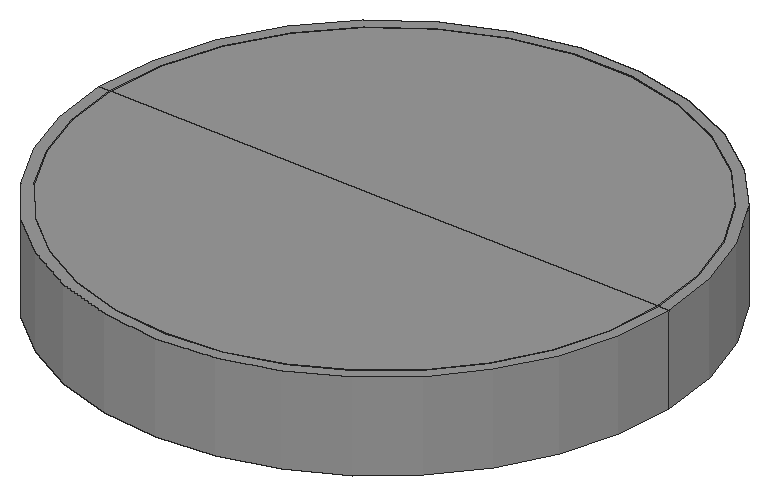
Revit family "4061104", category Lighting Fixtures, host Face, Revit 2016
Family settings
  Host = Face
  Part Type = Normal
  Round Connector Dimension = Use Diameter
  OmniClass Number = 23.80.70.00
  OmniClass Title = Lighting
  Cut with Voids When Loaded = No
  Light Source = Yes
  Shared = No
  Room Calculation Point = No
Parameters (values of type "4061104 COLOSSAL 3400LM 830 DALI WHT")
  Weight = "kg"
  Wattage Comments = ""
  Wattage = 30 W
  WarrantyStartDate [instance] = "n/a"
  WarrantyGuarantorParts = "n/a"
  WarrantyDurationUnit = "n/a"
  WarrantyDurationParts = "n/a"
  WarrantyDescription = "n/a"
  built-in parameter 1150110 = 1 (stored number, unit not read)
  Voltage = 230 V
  URL = "http://www.sylvania-lighting.com"
  TypeName = "Colossal 3400lm 830 DALI WHT"
  Type Image = <None>
  Type Comments = "n/a"
  built-in parameter 1114217 = 1 (stored number, unit not read)
  Tilt Angle = -90.00°
  built-in parameter 1150109 = 1 (stored number, unit not read)
  built-in parameter 1150134 = (empty or 0)
  built-in parameter 1150113 = 1 (stored number, unit not read)
  SerialNumber [instance] = "n/a"
  Photometric Web File = "4061104.ies"
  Material_3_SYL = LED-Sylvania
  PowerFactor = 0
  PowerConsumption = "30 W"
  NominalLength = 400 mm
  NominalHeight = 87 mm
  NominalDepth = 400 mm
  Name = "Colossal 3400lm 830 DALI WHT"
  ModelReference = Name  # "Colossal 3400lm 830 DALI WHT"
  ModelNumber = "4061104"
  Model = Name  # "Colossal 3400lm 830 DALI WHT"
  Material = "n/a"
  ManufacturerName = "Feilo Sylvania"
  Manufacturer = "Feilo Sylvania"
  LuminousEfficacy = "n/a"
  built-in parameter 1150105 = 270.44 (stored number, unit not read)
  Lumens = 3398.4 lm
  LuminaireType = ""
  built-in parameter 1150115 = 1 (stored number, unit not read)
  LightOutputRatio = "n/a"
  built-in parameter 1150137 = (empty or 0)
  built-in parameter 1150139 = (empty or 0)
  LampsType = Lamp  # "LED"
  LampNominalLuminous = "3398 lm"
  LampMacAdamStep = "n/a"
  LampColourTemperature = "3000 K"
  LampColourRenderingIndex = "n/a"
  built-in parameter 1150112 = 1 (stored number, unit not read)
  built-in parameter 1150114 = 1 (stored number, unit not read)
  Lamp = "LED"
  Keynote = "16500"
  InstallationDate [instance] = "n/a"
  InputVoltage = "230-240 V~"
  InputNominalFrequency = "50/60 Hz"
  built-in parameter 1150132 = (empty or 0)
  built-in parameter 1150102 = (empty or 0)
  built-in parameter 1150107 = 3000 (stored number, unit not read)
  built-in parameter 1150138 = (empty or 0)
  IngressProtection = "IP40"
  ImpactProtectionIndex = "IK02"
  built-in parameter 1150106 = 2.7044 (stored number, unit not read)
  IfcExportType = "IfcLightFixtureType"
  IfcExportAs = "IfcLightFixtureType"
  Emit from Circle Diameter = 385 mm
  Emit Shape Visible in Rendering = no
  ElectricShockClassification = "Class I"
  built-in parameter 1150104 = 10.524 (stored number, unit not read)
  DocumentationLiterature = "http://www.sylvania-lighting.com/product/en-int/products/4061104"
  DimmingControlOptions = "Dimmable"
  Material_2_SYL = Polycarbonate_Sylvania_White
  Dimming Lamp Color Temperature Shift = <None>
  Description = "Large 400 mm diameter circular architectural luminaire, can be surface mounted or suspended, aluminium housing with polycarbonate opal diffuser, 3400 lm, 30W, 113 lm/W, 3000K, CRI 80, 50,000 hours, IP40, IK03, Class 1, 220-240V, Energy class A++, DALI"
  Default Elevation = 1219.2 mm
  CreatedOn = "3/7/2019"
  CreatedBy = "@sylvania-lighting.com"
  Cost = 0
  Color Filter = 16777215
  built-in parameter 1114216 [instance] = (empty or 0)
  ClassificationValue = "EF_70_80"
  ClassificationName = "Uniclass2015"
  Material_1_SYL = Polycarbonate_Sylvania_Opal
  BarCode [instance] = "n/a"
  built-in parameter 1114218 = 1 (stored number, unit not read)
  built-in parameter 1150133 = 10 (stored number, unit not read)
  AssetType = "Fixed"
  AssetIdentifier [instance] = "n/a"
  Assembly Code = "D5020200"
  Apparent Load = 30 VA
  Material_4_SYL = none
Reference planes
  plane 1 "Center (Front/Back)": y = 0
  plane 2: z = 0
  plane 3 "Center (Left/Right)": x = 0
  plane 4: x = -200
  plane 5: x = -120
  plane 6: z = 87
  plane 7: z = 25
  plane 8: x = -192.5
  plane 9: z = 40
Forms (mm)
  Revolve 1, solid, material "Polycarbonate_Sylvania_White" <- "Material_2_SYL"
    sketch origin (0, 0, 0) x (1, 0, 0) y (0, 0, 1)
      loop
        line (0, 0) -> (0, 40) -> (-192.5, 40) -> (-192.5, 87) -> (-200, 87) -> (-200, 25) -> (-120, 25) -> (-120, 0) -> (0, 0)
      axis (0, 87) -> (0, 0)
    angle from 360 to 0
  Revolve 2, solid, material "Polycarbonate_Sylvania_Opal" <- "Material_1_SYL"
    sketch origin (0, 0, 0) x (1, 0, 0) y (0, 0, 1)
      loop
        line (0, 87) -> (-192.5, 87) -> (-192.5, 40) -> (0, 40) -> (0, 87)
      axis (0, 87) -> (0, 40)
    angle from 360 to 0
Dimensions and locks
  plane 6 to plane 7 to level = 62 mm locked, 25 mm locked
  plane 3 "Center (Left/Right)" to plane 5 to plane 8 to plane 4 = 120 mm locked, 72.5 mm locked, 7.5 mm locked
  locked: plane 9 to plane 7 at 15
  aligned and locked: plane 2 to host face
  aligned and locked: level to host face
  aligned and locked: Revolve 1 sketch curve to plane 3 "Center (Left/Right)"  (x2)
  aligned and locked: plane 3 "Center (Left/Right)" to Revolve 1 sketch curve
  aligned and locked: level to Revolve 1 sketch curve
  aligned and locked: plane 5 to Revolve 1 sketch curve
  aligned and locked: Revolve 1 sketch curve to plane 7
  aligned and locked: plane 6 to Revolve 1 sketch curve  (x2)
  aligned and locked: plane 8 to Revolve 1 sketch curve
  aligned and locked: Revolve 1 sketch curve to plane 8
  aligned and locked: plane 9 to Revolve 1 sketch curve
  aligned and locked: Revolve 2 sketch curve to plane 3 "Center (Left/Right)"
  aligned and locked: Revolve 2 sketch curve to Revolve 1  (x3)
  aligned and locked: plane 3 "Center (Left/Right)" to Revolve 2 sketch curve
  aligned and locked: plane 3 "Center (Left/Right)" to imposter light
  aligned and locked: imposter light to plane 6
  aligned and locked: imposter light to plane 1 "Center (Front/Back)"
Connectors
  electrical at (0, 0, 0), driven by "Apparent Load", driven by "PowerFactor", driven by "Voltage"
    settings: index 1, voltage 230 V, apparent load 30 VA, apparent load phase1 0 VA, apparent load phase2 0 VA, apparent load phase3 0 VA, power factor 0, load classification "Lighting", number of poles 1, system type 30, power factor state 1, is connector primary yes, connector utility no, sub classification motor no, connector description ""
